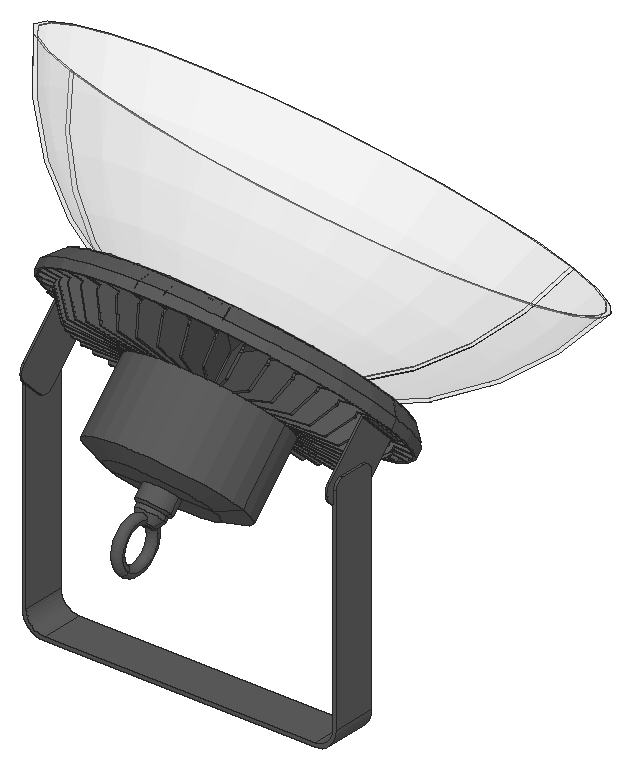
Revit family "0039350+0039353+0039358 Feilo Sylvania Lighting Fixture START HIGHBAY 6K 13KLM WIDE with BRACKET and PC LAMPSHADE TRANSPARENT", category Lighting Fixtures, host Face, Revit 2017 (continued)
Definition of nested family "Start LED Highbay Head"
  Dimensions and locks
    "RHRadius2_FEILO": plane 3 "Center (Left/Right)" to plane 32
    "RHHeight3_FEILO": plane 31 to plane 33
    "RHHeight4_FEILO": plane 33 to plane 34
    "RHRadius3_FEILO": plane 3 "Center (Left/Right)" to plane 35
    "RHHeight1_FEILO": plane 28 to plane 30
    "EyeInner_FEILO": plane 34 to plane 36
    "EyeInner_FEILO": plane 36 to plane 37
    equal spacing: plane 38, plane 3 "Center (Left/Right)", plane 39
    "EyeThickness_FEILO": plane 38 to plane 39
    "EyeThickness_FEILO": plane 37 to plane 40
    equal spacing: plane 37, plane 41, plane 40
    equal spacing: plane 6, plane 42, plane 18
    "ThicknessBracket_FEILO": plane 45 to plane 6
    "ThicknessBracket_FEILO": plane 8 to plane 44
    locked: plane 43 to plane 18 at 1
    equal spacing: plane 24, plane 46, plane 26
    equal spacing: plane 47, plane 1 "Center (Front/Back)", plane 48
    "WidthBracket_FEILO": plane 47 to plane 48
    "WidthRingChamfer_FEILO": plane 50 to plane 49
    "ThicknessWall_FEILO": plane 51 to plane 49
    equal spacing: plane 50, plane 52, plane 51
    "ThicknessBracket_FEILO": plane 54 to plane 50
    locked: plane 53 to plane 51 at 1
    "Radius_FEILO": plane 49 to plane 3 "Center (Left/Right)"
    "ShadeRadiusOut_FEILO": plane 3 "Center (Left/Right)" to plane 55
    "ShadeHeight_FEILO": plane 56 to plane 4
    "ShadeRadiusIn_FEILO": plane 3 "Center (Left/Right)" to plane 57
    locked: plane 58 to plane 57 at 8
    "ShadeThickness_FEILO": plane 60 to plane 4
    "ShadeThickness_FEILO": plane 59 to plane 55
    "EyeThicknessHalf_FEILO": radius of curve 8
    "ThicknessBracket_FEILO": radius of Extrusion 7 sketch curve  (x2)
    "ThicknessBracketHalf_FEILO": radius of Extrusion 7 sketch curve  (x2)
    "ShadeRadiusBend_FEILO": radius of curve 9
    aligned and locked: plane 2 to Extrusion 1
    aligned and locked: level to Extrusion 1
    aligned and locked: plane 5 to curve 1
    aligned and locked: plane 6 to curve 1
    aligned and locked: plane 7 to curve 1
    aligned and locked: plane 10 to curve 2
    aligned and locked: plane 9 to curve 3
    aligned and locked: plane 4 to curve 3
    aligned and locked: plane 11 to curve 3
    aligned and locked: plane 4 to curve 4
    aligned and locked: plane 18 to curve 5
    aligned and locked: plane 10 to curve 5
    aligned and locked: Revolve 2 sketch curve to plane 3 "Center (Left/Right)"
    aligned and locked: Revolve 2 sketch curve to curve 3
    aligned and locked: Revolve 2 sketch curve to curve 1
    aligned and locked: plane 4 to Revolve 2 sketch curve
    aligned and locked: plane 9 to Revolve 2 sketch curve
    aligned and locked: Revolve 2 sketch curve to plane 13
    aligned and locked: Revolve 2 sketch curve to plane 10
    aligned and locked: plane 13 to Revolve 2 sketch curve
    aligned and locked: plane 10 to Revolve 2 sketch curve
    aligned and locked: Revolve 2 sketch curve to plane 18
    aligned and locked: Revolve 2 sketch curve to plane 8
    aligned and locked: plane 5 to Revolve 2 sketch curve  (x2)
    aligned and locked: Revolve 3 sketch curve to plane 3 "Center (Left/Right)"
    aligned and locked: plane 11 to Revolve 3 sketch curve
    aligned and locked: Revolve 3 sketch curve to curve 2
    aligned and locked: plane 15 to Revolve 3 sketch curve
    aligned and locked: Revolve 3 sketch curve to plane 16
    aligned and locked: plane 17 to Revolve 3 sketch curve  (x2)
    aligned and locked: Revolve 3 sketch curve to plane 12
    aligned and locked: plane 7 to Revolve 3 sketch curve
    aligned and locked: Revolve 4 sketch curve to plane 3 "Center (Left/Right)"
    aligned and locked: Revolve 4 sketch curve to plane 14
    aligned and locked: plane 3 "Center (Left/Right)" to Revolve 4 sketch curve
    aligned and locked: Revolve 4 sketch curve to plane 12
    aligned and locked: plane 15 to Revolve 4 sketch curve
    aligned and locked: Revolve 2 sketch curve to curve 5
    aligned and locked: plane 22 to curve 6
    aligned and locked: plane 21 to curve 6
    aligned and locked: plane 20 to curve 6
    aligned and locked: plane 19 to curve 6
    aligned and locked: plane 33 to curve 7
    aligned and locked: plane 32 to curve 7
    aligned and locked: plane 35 to curve 7
    aligned and locked: plane 34 to curve 7
    aligned and locked: Revolve 5 sketch curve to plane 3 "Center (Left/Right)"
    aligned and locked: Revolve 5 sketch curve to plane 25
    aligned and locked: plane 27 to Revolve 5 sketch curve
    aligned and locked: plane 28 to Revolve 5 sketch curve
    aligned and locked: plane 30 to Revolve 5 sketch curve
    aligned and locked: Revolve 5 sketch curve to plane 29
    aligned and locked: plane 31 to Revolve 5 sketch curve
    aligned and locked: Revolve 5 sketch curve to curve 7
    aligned and locked: Revolve 5 sketch curve to plane 32
    aligned and locked: plane 34 to Revolve 5 sketch curve
    aligned and locked: plane 3 "Center (Left/Right)" to Revolve 5 sketch curve
    aligned and locked: plane 3 "Center (Left/Right)" to curve 8
    aligned and locked: plane 41 to curve 8
    aligned and locked: Revolve 6 sketch curve to plane 36
    aligned and locked: Revolve 6 sketch curve to curve 8
    aligned and locked: plane 43 to Extrusion 7 sketch curve  (x2)
    aligned and locked: plane 8 to Extrusion 7 sketch curve  (x3)
    aligned and locked: Extrusion 7 sketch curve to plane 45
    aligned and locked: Extrusion 7 sketch curve to plane 46  (x2)
    aligned and locked: plane 6 to Extrusion 7 sketch curve
    aligned and locked: Extrusion 7 sketch curve to plane 44  (x2)
    aligned and locked: Extrusion 7 to plane 48
    aligned and locked: plane 47 to Extrusion 7
    aligned and locked: plane 53 to Extrusion 7 sketch curve
    aligned and locked: plane 50 to Extrusion 7 sketch curve
    aligned and locked: Extrusion 7 sketch curve to plane 54
    aligned and locked: Extrusion 8 sketch curve to Extrusion 8 sketch curve
    aligned and locked: Extrusion 8 to plane 6
    aligned and locked: Extrusion 8 to Extrusion 7
    aligned and locked: Revolve 5 sketch curve to plane 22
    aligned and locked: plane 23 to nested 1
    aligned and locked: plane 1 "Center (Front/Back)" to nested 1
    aligned and locked: Revolve 9 sketch curve to plane 3 "Center (Left/Right)"
    aligned and locked: Revolve 9 sketch curve to plane 4
    aligned and locked: plane 6 to Revolve 9 sketch curve
    aligned and locked: plane 4 to Revolve 9 sketch curve
    aligned and locked: plane 7 to Revolve 9 sketch curve
    aligned and locked: Revolve 9 sketch curve to plane 5
    aligned and locked: plane 8 to Revolve 9 sketch curve  (x2)
    aligned and locked: Revolve 9 sketch curve to plane 19
    aligned and locked: plane 20 to Revolve 9 sketch curve
    aligned and locked: plane 19 to Revolve 9 sketch curve
    aligned and locked: plane 21 to Revolve 9 sketch curve
    aligned and locked: plane 22 to Revolve 9 sketch curve  (x2)
    aligned and locked: Revolve 9 sketch curve to Revolve 9 sketch curve
    aligned and locked: imposter light to plane 4
    aligned and locked: plane 3 "Center (Left/Right)" to imposter light
    aligned and locked: imposter light to plane 1 "Center (Front/Back)"
    aligned and locked: plane 55 to curve 9
    aligned and locked: plane 56 to curve 9
    aligned and locked: plane 57 to curve 9
    aligned and locked: plane 4 to curve 9
    aligned and locked: Revolve 10 sketch curve to curve 9
    aligned and locked: plane 58 to Revolve 10 sketch curve
    aligned and locked: plane 57 to Revolve 10 sketch curve
    aligned and locked: plane 56 to Revolve 10 sketch curve  (x2)
    aligned and locked: Revolve 10 sketch curve to plane 58
    aligned and locked: plane 60 to Revolve 10 sketch curve
  Automatic sketch dimensions
    Extrusion 1 sketch curve to Extrusion 1 sketch curve = 2438.4 mm  (x2)
    Revolve 2 sketch curve to plane 6 = 0.299 mm
    plane 6 to Revolve 2 sketch curve = 0.459 mm
    Revolve 2 sketch curve to level = 609.6 mm
    Revolve 2 sketch curve to Revolve 2 sketch curve = 2312.223 mm
    Revolve 3 sketch curve to plane 12 = 0 mm
    Revolve 3 sketch curve to plane 3 "Center (Left/Right)" = 0 mm
    Revolve 3 sketch curve to level = 609.6 mm
    Revolve 3 sketch curve to plane 4 = 2339.058 mm
    Revolve 4 sketch curve to level = 609.6 mm
    Revolve 4 sketch curve to plane 4 = 2339.058 mm
    Revolve 6 sketch curve to plane 5 = 1080 mm
    plane 38 to Revolve 6 sketch curve = 1219.2 mm
    Extrusion 8 sketch curve to plane 47 = 0 mm
    plane 46 to Extrusion 8 sketch curve = 0 mm  (x2)
    Extrusion 8 sketch curve to plane 48 = 0 mm
    plane 47 to Extrusion 8 sketch curve = 5 mm
    plane 1 "Center (Front/Back)" to Extrusion 8 sketch curve = 10 mm
    Extrusion 8 sketch curve to Extrusion 8 sketch curve = 10 mm
    plane 46 to Extrusion 8 sketch curve = 5 mm
    Extrusion 8 sketch curve to Extrusion 8 sketch curve = 5 mm
    Extrusion 8 sketch curve to plane 48 = 5 mm
    Revolve 5 sketch curve to plane 26 = 0 mm
    Revolve 5 sketch curve to plane 35 = 0.437 mm
    plane 35 to Revolve 5 sketch curve = 0.847 mm
    Revolve 5 sketch curve to plane 34 = 0.726 mm
    plane 40 to Revolve 5 sketch curve = 590.2 mm
    Revolve 5 sketch curve to plane 4 = 2339.058 mm
    Revolve 9 sketch curve to level = 609.6 mm
    Revolve 9 sketch curve to Revolve 9 sketch curve = 2386.058 mm
    curve 2 to plane 3 "Center (Left/Right)" = 0 mm
    Revolve 10 sketch curve to Revolve 10 sketch curve = 0 mm  (x2)
    Revolve 10 sketch curve to plane 3 "Center (Left/Right)" = 0 mm
    plane 57 to Revolve 10 sketch curve = 0.659 mm
    Revolve 10 sketch curve to level = 609.6 mm
    Revolve 10 sketch curve to Revolve 10 sketch curve = 2068.248 mm
  Nested families
    nested 1: "Start Highbay Rib" at (0, 0, 67.775), type "Type Name", detail levels medium+fine
      with SuspensionHeight_FEILO 2.6 mm
    nested 2: "Start Highbay Rib" at (0, 0, 67.775) x (0.9877, 0.1564, 0) z (0, 0, 1), type "Type Name", detail levels medium+fine
      with SuspensionHeight_FEILO 2.6 mm
    nested 3: "Start Highbay Rib" at (0, 0, 67.775) x (0.9511, 0.309, 0) z (0, 0, 1), type "Type Name", detail levels medium+fine
      with SuspensionHeight_FEILO 2.6 mm
    nested 4: "Start Highbay Rib" at (0, 0, 67.775) x (0.891, 0.454, 0) z (0, 0, 1), type "Type Name", detail levels medium+fine
      with SuspensionHeight_FEILO 2.6 mm
    nested 5: "Start Highbay Rib" at (0, 0, 67.775) x (0.809, 0.5878, 0) z (0, 0, 1), type "Type Name", detail levels medium+fine
      with SuspensionHeight_FEILO 2.6 mm
    nested 6: "Start Highbay Rib" at (0, 0, 67.775) x (0.7071, 0.7071, 0) z (0, 0, 1), type "Type Name", detail levels medium+fine
      with SuspensionHeight_FEILO 2.6 mm
    nested 7: "Start Highbay Rib" at (0, 0, 67.775) x (0.5878, 0.809, 0) z (0, 0, 1), type "Type Name", detail levels medium+fine
      with SuspensionHeight_FEILO 2.6 mm
    nested 8: "Start Highbay Rib" at (0, 0, 67.775) x (0.454, 0.891, 0) z (0, 0, 1), type "Type Name", detail levels medium+fine
      with SuspensionHeight_FEILO 2.6 mm
    nested 9: "Start Highbay Rib" at (0, 0, 67.775) x (0.309, 0.9511, 0) z (0, 0, 1), type "Type Name", detail levels medium+fine
      with SuspensionHeight_FEILO 2.6 mm
    nested 10: "Start Highbay Rib" at (0, 0, 67.775) x (0.1564, 0.9877, 0) z (0, 0, 1), type "Type Name", detail levels medium+fine
      with SuspensionHeight_FEILO 2.6 mm
    nested 11: "Start Highbay Rib" at (0, 0, 67.775) x (0, 1, 0) z (0, 0, 1), type "Type Name", detail levels medium+fine
      with SuspensionHeight_FEILO 2.6 mm
    nested 12: "Start Highbay Rib" at (0, 0, 67.775) x (-0.1564, 0.9877, 0) z (0, 0, 1), type "Type Name", detail levels medium+fine
      with SuspensionHeight_FEILO 2.6 mm
    nested 13: "Start Highbay Rib" at (0, 0, 67.775) x (-0.309, 0.9511, 0) z (0, 0, 1), type "Type Name", detail levels medium+fine
      with SuspensionHeight_FEILO 2.6 mm
    nested 14: "Start Highbay Rib" at (0, 0, 67.775) x (-0.454, 0.891, 0) z (0, 0, 1), type "Type Name", detail levels medium+fine
      with SuspensionHeight_FEILO 2.6 mm
    nested 15: "Start Highbay Rib" at (0, 0, 67.775) x (-0.5878, 0.809, 0) z (0, 0, 1), type "Type Name", detail levels medium+fine
      with SuspensionHeight_FEILO 2.6 mm
    nested 16: "Start Highbay Rib" at (0, 0, 67.775) x (-0.7071, 0.7071, 0) z (0, 0, 1), type "Type Name", detail levels medium+fine
      with SuspensionHeight_FEILO 2.6 mm
    nested 17: "Start Highbay Rib" at (0, 0, 67.775) x (-0.809, 0.5878, 0) z (0, 0, 1), type "Type Name", detail levels medium+fine
      with SuspensionHeight_FEILO 2.6 mm
    nested 18: "Start Highbay Rib" at (0, 0, 67.775) x (-0.891, 0.454, 0) z (0, 0, 1), type "Type Name", detail levels medium+fine
      with SuspensionHeight_FEILO 2.6 mm
    nested 19: "Start Highbay Rib" at (0, 0, 67.775) x (-0.9511, 0.309, 0) z (0, 0, 1), type "Type Name", detail levels medium+fine
      with SuspensionHeight_FEILO 2.6 mm
    nested 20: "Start Highbay Rib" at (0, 0, 67.775) x (-0.9877, 0.1564, 0) z (0, 0, 1), type "Type Name", detail levels medium+fine
      with SuspensionHeight_FEILO 2.6 mm
    nested 21: "Start Highbay Rib" at (0, 0, 67.775) x (-1, 0, 0) z (0, 0, 1), type "Type Name", detail levels medium+fine
      with SuspensionHeight_FEILO 2.6 mm
    nested 22: "Start Highbay Rib" at (0, 0, 67.775) x (-0.9877, -0.1564, 0) z (0, 0, 1), type "Type Name", detail levels medium+fine
      with SuspensionHeight_FEILO 2.6 mm
    nested 23: "Start Highbay Rib" at (0, 0, 67.775) x (-0.9511, -0.309, 0) z (0, 0, 1), type "Type Name", detail levels medium+fine
      with SuspensionHeight_FEILO 2.6 mm
    nested 24: "Start Highbay Rib" at (0, 0, 67.775) x (-0.891, -0.454, 0) z (0, 0, 1), type "Type Name", detail levels medium+fine
      with SuspensionHeight_FEILO 2.6 mm
    nested 25: "Start Highbay Rib" at (0, 0, 67.775) x (-0.809, -0.5878, 0) z (0, 0, 1), type "Type Name", detail levels medium+fine
      with SuspensionHeight_FEILO 2.6 mm
    nested 26: "Start Highbay Rib" at (0, 0, 67.775) x (-0.7071, -0.7071, 0) z (0, 0, 1), type "Type Name", detail levels medium+fine
      with SuspensionHeight_FEILO 2.6 mm
    nested 27: "Start Highbay Rib" at (0, 0, 67.775) x (-0.5878, -0.809, 0) z (0, 0, 1), type "Type Name", detail levels medium+fine
      with SuspensionHeight_FEILO 2.6 mm
    nested 28: "Start Highbay Rib" at (0, 0, 67.775) x (-0.454, -0.891, 0) z (0, 0, 1), type "Type Name", detail levels medium+fine
      with SuspensionHeight_FEILO 2.6 mm
    nested 29: "Start Highbay Rib" at (0, 0, 67.775) x (-0.309, -0.9511, 0) z (0, 0, 1), type "Type Name", detail levels medium+fine
      with SuspensionHeight_FEILO 2.6 mm
    nested 30: "Start Highbay Rib" at (0, 0, 67.775) x (-0.1564, -0.9877, 0) z (0, 0, 1), type "Type Name", detail levels medium+fine
      with SuspensionHeight_FEILO 2.6 mm
    nested 31: "Start Highbay Rib" at (0, 0, 67.775) x (0, -1, 0) z (0, 0, 1), type "Type Name", detail levels medium+fine
      with SuspensionHeight_FEILO 2.6 mm
    nested 32: "Start Highbay Rib" at (0, 0, 67.775) x (0.1564, -0.9877, 0) z (0, 0, 1), type "Type Name", detail levels medium+fine
      with SuspensionHeight_FEILO 2.6 mm
    nested 33: "Start Highbay Rib" at (0, 0, 67.775) x (0.309, -0.9511, 0) z (0, 0, 1), type "Type Name", detail levels medium+fine
      with SuspensionHeight_FEILO 2.6 mm
    nested 34: "Start Highbay Rib" at (0, 0, 67.775) x (0.454, -0.891, 0) z (0, 0, 1), type "Type Name", detail levels medium+fine
      with SuspensionHeight_FEILO 2.6 mm
    nested 35: "Start Highbay Rib" at (0, 0, 67.775) x (0.5878, -0.809, 0) z (0, 0, 1), type "Type Name", detail levels medium+fine
      with SuspensionHeight_FEILO 2.6 mm
    nested 36: "Start Highbay Rib" at (0, 0, 67.775) x (0.7071, -0.7071, 0) z (0, 0, 1), type "Type Name", detail levels medium+fine
      with SuspensionHeight_FEILO 2.6 mm
    nested 37: "Start Highbay Rib" at (0, 0, 67.775) x (0.809, -0.5878, 0) z (0, 0, 1), type "Type Name", detail levels medium+fine
      with SuspensionHeight_FEILO 2.6 mm
    nested 38: "Start Highbay Rib" at (0, 0, 67.775) x (0.891, -0.454, 0) z (0, 0, 1), type "Type Name", detail levels medium+fine
      with SuspensionHeight_FEILO 2.6 mm
    nested 39: "Start Highbay Rib" at (0, 0, 67.775) x (0.9511, -0.309, 0) z (0, 0, 1), type "Type Name", detail levels medium+fine
      with SuspensionHeight_FEILO 2.6 mm
    nested 40: "Start Highbay Rib" at (0, 0, 67.775) x (0.9877, -0.1564, 0) z (0, 0, 1), type "Type Name", detail levels medium+fine
      with SuspensionHeight_FEILO 2.6 mm
  Definition of nested family "Start Highbay Rib"
    Parameters (values of type "Type Name")
      WidthStraight_FEILO = if(SizeS_FEILO, 3 mm, if(SizeM_FEILO, 4 mm, 4.7 mm))  # 3 mm
      WidthRingChamfer_FEILO = if(SizeS_FEILO, 10.3 mm, if(SizeM_FEILO, 11.2 mm, 12.9 mm))  # 10.3 mm
      WidthCurved_FEILO = if(SizeS_FEILO, 17.4 mm, if(SizeM_FEILO, 16.4 mm, 26.2 mm))  # 17.4 mm
      WidthCurvedRing_FEILO = if(SizeS_FEILO, 3 mm, if(SizeM_FEILO, 4 mm, 4.7 mm))  # 3 mm
      WidthBracket_FEILO = 40 mm
      URL = "http://www.feilosylvania.com"
      Type Image = (empty or 0)
      Type Comments = "n/a"
      ThicknessWall_FEILO = 1.5 mm
      ThicknessBracket_FEILO = 1.5 mm
      ThicknessBracketHalf_FEILO = ThicknessBracket_FEILO / 2  # 0.75 mm
      SuspensionHeight_FEILO [instance] = 2.6 mm
      SizeS_FEILO = yes
      SizeM_FEILO = no
      Rib4_FEILO = if(SizeS_FEILO, 18.1 mm, if(SizeM_FEILO, 13.6 mm, 14.6 mm))  # 18.1 mm
      Rib3_FEILO = if(SizeS_FEILO, 15.3 mm, if(SizeM_FEILO, 17.6 mm, 20.2 mm))  # 15.3 mm
      Rib2_FEILO = if(SizeS_FEILO, 3.6 mm, if(SizeM_FEILO, 3.9 mm, 4.5 mm))  # 3.6 mm
      Rib1_FEILO = if(SizeS_FEILO, 15.1 mm, if(SizeM_FEILO, 16.5 mm, 19 mm))  # 15.1 mm
      RadiusRib_FEILO = 2 mm
      RadiusDiffuser_FEILO = if(SizeS_FEILO, 95.2 mm, if(SizeM_FEILO, 105.3 mm, 120 mm))  # 95.2 mm
      RHRadius3_FEILO = if(SizeS_FEILO, 6.6 mm, if(SizeM_FEILO, 7.4 mm, 8.6 mm))  # 6.6 mm
      RHRadius2_FEILO = if(SizeS_FEILO, 11 mm, if(SizeM_FEILO, 12 mm, 14 mm))  # 11 mm
      RHRadius1_FEILO = if(SizeS_FEILO, 13.6 mm, if(SizeM_FEILO, 14.9 mm, 17.7 mm))  # 13.6 mm
      RHHeight4_FEILO = if(SizeS_FEILO, 7.3 mm, if(SizeM_FEILO, 8 mm, 9.2 mm))  # 7.3 mm
      RHHeight3_FEILO = if(SizeS_FEILO, 3.6 mm, if(SizeM_FEILO, 3.7 mm, 4.6 mm))  # 3.6 mm
      RHHeight2_FEILO = if(SizeS_FEILO, 2 mm, if(SizeM_FEILO, 2.2 mm, 2.6 mm))  # 2 mm
      RHHeight1_FEILO = if(SizeS_FEILO, 11.8 mm, if(SizeM_FEILO, 15.3 mm, 17.4 mm))  # 11.8 mm
      Material_3_FEILO = none
      Model = ""
      Manufacturer = "Feilo Sylvania"
      Keynote = "16500"
      HeightRing_FEILO = if(SizeS_FEILO, 19.8 mm, if(SizeM_FEILO, 32 mm, 36.8 mm))  # 19.8 mm
      HeightRingChamfer_FEILO = if(SizeS_FEILO, 11.7 mm, if(SizeM_FEILO, 23.2 mm, 26.6 mm))  # 11.7 mm
      EyeThickness_FEILO = if(SizeS_FEILO, 8.4 mm, if(SizeM_FEILO, 9.2 mm, 10.5 mm))  # 8.4 mm
      EyeThicknessHalf_FEILO = EyeThickness_FEILO / 2  # 4.2 mm
      EyeInner_FEILO = if(SizeS_FEILO, 13.8 mm, if(SizeM_FEILO, 15.1 mm, 17.3 mm))  # 13.8 mm
      DriverVerticalStraight_FEILO = if(SizeS_FEILO, 46.5 mm, if(SizeM_FEILO, 49.7 mm, 57 mm))  # 46.5 mm
      DriverVerticalChamfer_FEILO = if(SizeS_FEILO, 7.5 mm, if(SizeM_FEILO, 8.2 mm, 9.5 mm))  # 7.5 mm
      DriverRadius_FEILO = if(SizeS_FEILO, 61.4 mm, if(SizeM_FEILO, 67.2 mm, 76.4 mm))  # 61.4 mm
      DriverRadiusTop_FEILO = if(SizeS_FEILO, 42 mm, if(SizeM_FEILO, 45.3 mm, 52.4 mm))  # 42 mm
      DriverBottom_FEILO = if(SizeS_FEILO, 56 mm, if(SizeM_FEILO, 64.5 mm, 74 mm))  # 56 mm
      Material_2_FEILO = none
      Radius_FEILO = if(SizeS_FEILO, 135 mm, if(SizeM_FEILO, 148 mm, 169.5 mm))  # 135 mm
      Description = ""
      Default Elevation = 1219.2 mm
      Cost = 0
      Material_1_FEILO = none
      Assembly Code = "D5020200"
      Material_4_FEILO = none
    Reference planes
      plane 1 "Center (Front/Back)": y = 0
      plane 2: z = 0
      plane 3 "Center (Left/Right)": x = 0
      plane 4: z = 2.6
      plane 5: x = -135
      plane 6: x = -124.7
      plane 7: z = -9.1
      plane 8: z = -17.2
      plane 9: x = -121.7
      plane 10: z = -0.025
      plane 11: x = -104.3
      plane 12: x = -95.2
      plane 13: x = -118.7
      plane 14: z = 0.975
      plane 15: z = -1.025
      plane 16: x = -92.2
      plane 17: z = -2.025
      plane 18: x = -133.5
      plane 19: x = -119.9
      plane 20: z = -20.8
      plane 21: x = -104.6
      plane 22: z = -38.9
      plane 23: x = -20
      plane 24: z = -53.4
      plane 25: x = -61.4
      plane 26: z = -99.9
      plane 27: x = -42
      plane 28: z = -107.4
      plane 29: x = -13.6
      plane 30: z = -119.2
      plane 31: z = -121.2
      plane 32: x = -11
      plane 33: z = -124.8
      plane 34: z = -132.1
      plane 35: x = -6.6
      plane 36: z = -145.9
      plane 37: z = -159.7
      plane 38: x = 4.2
      plane 39: x = -4.2
      plane 40: z = -168.1
      plane 41: z = -163.9
      plane 42: x = -129.1
      plane 43: x = -132.5
      plane 44: z = -18.7
      plane 45: x = -123.2
      plane 46: z = -76.65
      plane 47: y = -20
      plane 48: y = 20
      plane 49: x = 135
      plane 50: x = 124.7
      plane 51: x = 133.5
      plane 52: x = 129.1
      plane 53: x = 132.5
      plane 54: x = 123.2
      plane 55: y = 0.75
      plane 56: y = -0.75
    Forms (mm)
      Extrusion 1, solid
        sketch origin (4.2, 0, 0) x (1, 0, 0) y (0, 1, 0)
          loop
            line (-1219.2, 1219.2) -> (-1219.2, -1219.2) -> (1219.2, -1219.2) -> (1219.2, 1219.2) -> (-1219.2, 1219.2)
        from 0 to -68.017
      Extrusion 2, solid, material <- "Material_1_FEILO"
        sketch origin (0, 0, 0) x (1, 0, 0) y (0, 0, 1)
          loop
            arc (-104.3, -0.025) -> (-111.555, 0.423) -> (-118.7, 1.76) r 58.981
            line (-118.7, 1.76) -> (-118.7, -0.025) -> (-125.012, -0.025) -> (-133.5, -9.666) -> (-133.5, -17.2) -> (-119.9, -17.2) -> (-119.9, -20.068)
            arc (-119.9, -20.068) -> (-119.778, -20.755) -> (-119.427, -21.359) r 2
            line (-119.427, -21.359) -> (-104.966, -38.467)
            arc (-104.966, -38.467) -> (-104.381, -38.789) -> (-103.723, -38.9) r 2
            line (-103.723, -38.9) -> (-20, -38.9) -> (-20, -9.1) -> (-95.2, -9.1) -> (-95.2, -2.025) -> (-104.3, -2.025) -> (-104.3, -0.025)
        from -0.75 to 0.75
    Lines and regions (mm)
      reference lines
        curve 1: line (-135, 0, -9.1) -> (-124.7, 0, 2.6)
        curve 2: line (-104.3, 0, -0.025) -> (0, 0, -0.025)
        curve 3: arc (-104.3, 0, -0.025) -> (-113.098, 0, 0.635) -> (-121.7, 0, 2.6) r 58.981
        curve 4: line (-124.7, 0, 2.6) -> (-121.7, 0, 2.6)
        curve 5: line (-125.012, 0, -0.025) -> (-133.5, 0, -9.666)
        curve 6: line (-119.9, 0, -20.8) -> (-104.6, 0, -38.9)
    Dimensions and locks
      "Radius_FEILO": plane 3 "Center (Left/Right)" to plane 5
      "WidthRingChamfer_FEILO": plane 6 to plane 5
      "WidthStraight_FEILO": plane 9 to plane 6
      "WidthCurvedRing_FEILO": plane 13 to plane 9
      locked: plane 10 to plane 15 at 1
      locked: plane 14 to plane 10 at 1
      locked: plane 4 to plane 10 at 2.625
      locked: plane 15 to plane 17 at 1
      "ThicknessWall_FEILO": plane 18 to plane 5
      "ThicknessWall_FEILO": curve 5 to curve 1
      "HeightRingChamfer_FEILO": plane 4 to plane 7
      "HeightRing_FEILO": plane 4 to plane 8
      "RadiusDiffuser_FEILO": plane 3 "Center (Left/Right)" to plane 12
      locked: plane 16 to plane 12 at 3
      "WidthCurved_FEILO": plane 11 to plane 9
      "SuspensionHeight_FEILO": plane 4 to plane 2
      "Rib1_FEILO": plane 19 to plane 5
      "Rib2_FEILO": plane 8 to plane 20
      "Rib3_FEILO": plane 21 to plane 19
      "Rib4_FEILO": plane 20 to plane 22
      locked: plane 3 "Center (Left/Right)" to plane 23 at 20
      "DriverBottom_FEILO": plane 4 to plane 24
      "DriverRadius_FEILO": plane 3 "Center (Left/Right)" to plane 25
      "DriverVerticalStraight_FEILO": plane 24 to plane 26
      "DriverRadiusTop_FEILO": plane 3 "Center (Left/Right)" to plane 27
      "DriverVerticalChamfer_FEILO": plane 26 to plane 28
      "RHRadius1_FEILO": plane 3 "Center (Left/Right)" to plane 29
      "RHHeight2_FEILO": plane 30 to plane 31
      "RHRadius2_FEILO": plane 3 "Center (Left/Right)" to plane 32
      "RHHeight3_FEILO": plane 31 to plane 33
      "RHHeight4_FEILO": plane 33 to plane 34
      "RHRadius3_FEILO": plane 3 "Center (Left/Right)" to plane 35
      "RHHeight1_FEILO": plane 28 to plane 30
      "EyeInner_FEILO": plane 34 to plane 36
      "EyeInner_FEILO": plane 36 to plane 37
      equal spacing: plane 38, plane 3 "Center (Left/Right)", plane 39
      "EyeThickness_FEILO": plane 38 to plane 39
      "EyeThickness_FEILO": plane 37 to plane 40
      equal spacing: plane 37, plane 41, plane 40
      equal spacing: plane 6, plane 42, plane 18
      "ThicknessBracket_FEILO": plane 45 to plane 6
      "ThicknessBracket_FEILO": plane 8 to plane 44
      locked: plane 43 to plane 18 at 1
      equal spacing: plane 24, plane 46, plane 26
      equal spacing: plane 47, plane 1 "Center (Front/Back)", plane 48
      "WidthBracket_FEILO": plane 47 to plane 48
      "WidthRingChamfer_FEILO": plane 50 to plane 49
      "ThicknessWall_FEILO": plane 51 to plane 49
      equal spacing: plane 50, plane 52, plane 51
      "ThicknessBracket_FEILO": plane 54 to plane 50
      locked: plane 53 to plane 51 at 1
      "Radius_FEILO": plane 49 to plane 3 "Center (Left/Right)"
      equal spacing: plane 56, plane 1 "Center (Front/Back)", plane 55
      "ThicknessWall_FEILO": plane 56 to plane 55
      "RadiusRib_FEILO": radius of Extrusion 2 sketch curve  (x2)
      aligned and locked: plane 2 to Extrusion 1
      aligned and locked: level to Extrusion 1
      aligned and locked: plane 5 to curve 1
      aligned and locked: plane 6 to curve 1
      aligned and locked: plane 7 to curve 1
      aligned and locked: plane 10 to curve 2
      aligned and locked: plane 9 to curve 3
      aligned and locked: plane 4 to curve 3
      aligned and locked: plane 11 to curve 3
      aligned and locked: plane 4 to curve 4
      aligned and locked: plane 18 to curve 5
      aligned and locked: plane 10 to curve 5
      aligned and locked: plane 22 to curve 6
      aligned and locked: plane 21 to curve 6
      aligned and locked: plane 20 to curve 6
      aligned and locked: plane 19 to curve 6
      aligned and locked: Extrusion 2 sketch curve to plane 23
      aligned and locked: Extrusion 2 sketch curve to plane 22
      aligned and locked: Extrusion 2 sketch curve to curve 6
      aligned and locked: plane 19 to Extrusion 2 sketch curve
      aligned and locked: Extrusion 2 sketch curve to plane 8
      aligned and locked: Extrusion 2 sketch curve to curve 5
      aligned and locked: Extrusion 2 sketch curve to curve 3
      aligned and locked: Extrusion 2 to plane 55
      aligned and locked: plane 56 to Extrusion 2
      aligned and locked: curve 6 to Extrusion 2 sketch curve
    Automatic sketch dimensions
      Extrusion 1 sketch curve to Extrusion 1 sketch curve = 2438.4 mm  (x2)
      curve 2 to plane 3 "Center (Left/Right)" = 0 mm
      Extrusion 2 sketch curve to plane 18 = 0 mm
      Extrusion 2 sketch curve to plane 10 = 0 mm
      Extrusion 2 sketch curve to plane 13 = 0 mm
      Extrusion 2 sketch curve to plane 7 = 0 mm
      Extrusion 2 sketch curve to plane 12 = 0 mm
      Extrusion 2 sketch curve to plane 17 = 0 mm
      plane 19 to Extrusion 2 sketch curve = 0.473 mm
      Extrusion 2 sketch curve to plane 21 = 0.366 mm
